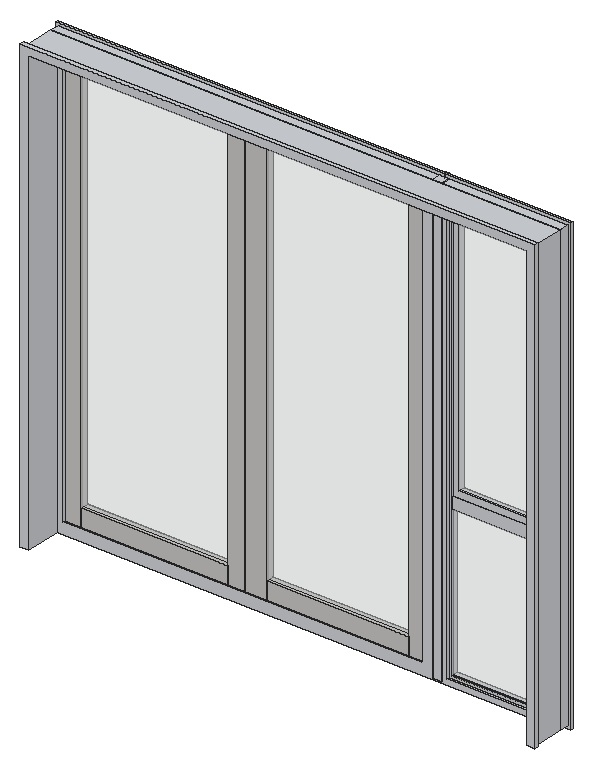
Revit family "APL Residential Thermal Heart French Door with Sidelight", category Doors, host Wall, Revit 2017 (continued)
Definition of nested family "APL Residential Thermal Heart French Door with Sidelight Horizontal Section"
  Definition of nested family "Frame Sash"
    Definition of nested family "65720_Sash"
      Lines and regions (mm)
        model lines, in view "Ref. Level"
          curve 277: arc (-4.4, -9.05, 0) -> (-4, -9.45, 0) -> (-4.4, -9.85, 0) r 0.4
          curve 278: arc (-4.4, -14.452, 0) -> (-4.347, -14.721, 0) -> (-4.195, -14.949, 0) r 0.7
          curve 279: arc (-2.4, -14.449, 0) -> (-1.9, -13.949, 0) -> (-1.4, -14.449, 0) r 0.5
          curve 280: arc (-1.4, -15.007, 0) -> (-1.602, -15.609, 0) -> (-2.125, -15.969, 0) r 1
          curve 281: arc (-2.125, -15.969, 0) -> (-2.472, -16.324, 0) -> (-2.341, -16.803, 0) r 0.5
          curve 282: arc (2.959, -22.103, 0) -> (3.177, -22.146, 0) -> (3.3, -21.962, 0) r 0.2
          curve 283: line (7.8, 0.874, 0) -> (7.8, 2.449, 0)
          curve 284: line (7.231, 2.309, 0) -> (5.977, 1.544, 0)
          curve 285: line (5.977, 1.544, 0) -> (5.3, 1.5, 0)
          curve 286: line (5.106, 1.75, 0) -> (5.294, 2.475, 0)
          curve 287: line (5.294, 2.475, 0) -> (5.3, 5.753, 0)
          curve 288: line (5.554, 6.5, 0) -> (7.621, 5.957, 0)
          curve 289: line (7.621, 5.957, 0) -> (7.807, 5.648, 0)
          curve 290: line (8.141, 5.559, 0) -> (8.505, 5.922, 0)
          curve 291: line (8.592, 6.108, 0) -> (8.799, 8.474, 0)
          curve 292: line (8.397, 8.782, 0) -> (6.987, 8.268, 0)
          curve 293: line (6.217, 8, 0) -> (-3.3, 8, 0)
          curve 294: line (-4.3, 9, 0) -> (-4.3, 18.8, 0)
          curve 295: line (-4.1, 19, 0) -> (-3.2, 19, 0)
          curve 296: line (-2.2, 20, 0) -> (-2.2, 20.751, 0)
          curve 297: line (-3.2, 20.751, 0) -> (-3.2, 20, 0)
          curve 298: line (-3.2, 20, 0) -> (-4.7, 20, 0)
          curve 299: line (-4.7, 20, 0) -> (-4.7, 25.5, 0)
          curve 300: line (-4.7, 25.5, 0) -> (-3.2, 25.5, 0)
          curve 301: line (-3.2, 25.5, 0) -> (-3.2, 24.751, 0)
          curve 302: line (-2.2, 24.751, 0) -> (-2.2, 25.501, 0)
          curve 303: line (-3.199, 26.5, 0) -> (-4.7, 26.5, 0)
          curve 304: line (-5.7, 25.5, 0) -> (-5.7, -14.454, 0)
          curve 305: line (-5.114, -15.869, 0) -> (5.959, -26.941, 0)
          curve 306: line (6.3, -26.8, 0) -> (6.3, -22.85, 0)
          curve 307: line (6.1, -22.65, 0) -> (5.501, -22.65, 0)
          curve 308: line (5.3, -22.85, 0) -> (5.3, -23.2, 0)
          curve 309: line (5.1, -23.4, 0) -> (4.497, -23.4, 0)
          curve 310: line (4.3, -23.2, 0) -> (4.3, -20.1, 0)
          curve 311: line (4.497, -19.9, 0) -> (5.1, -19.9, 0)
          curve 312: line (5.3, -20.1, 0) -> (5.3, -20.45, 0)
          curve 313: line (5.5, -20.65, 0) -> (6.1, -20.65, 0)
          curve 314: line (6.3, -20.45, 0) -> (6.3, -19.092, 0)
          curve 315: line (6.1, -18.9, 0) -> (4.6, -18.9, 0)
          curve 316: line (4.6, -18.9, 0) -> (4.6, -8, 0)
          curve 317: line (4.6, -8, 0) -> (6.217, -8, 0)
          curve 318: line (6.987, -8.268, 0) -> (8.397, -8.782, 0)
          curve 319: line (8.799, -8.474, 0) -> (8.592, -6.108, 0)
          curve 320: line (8.505, -5.922, 0) -> (8.141, -5.559, 0)
          curve 321: line (7.807, -5.648, 0) -> (7.762, -5.816, 0)
          curve 322: line (7.762, -5.816, 0) -> (5.632, -6.49, 0)
          curve 323: line (5.632, -6.49, 0) -> (5.4, -6.5, 0)
          curve 324: line (5.3, -5.753, 0) -> (5.3, -2.525, 0)
          curve 325: line (5.3, -2.525, 0) -> (5.106, -1.75, 0)
          curve 326: line (5.3, -1.5, 0) -> (5.82, -1.5, 0)
          curve 327: line (5.821, -1.5, 0) -> (7.231, -2.309, 0)
          curve 328: line (7.8, -2.45, 0) -> (7.8, -0.874, 0)
          curve 329: line (-0.608, 6.6, 0) -> (-3.4, 6.6, 0)
          curve 330: line (-4.4, 5.6, 0) -> (-4.4, -2.447, 0)
          curve 331: line (-3.9, -2.949, 0) -> (-2.4, -2.949, 0)
          curve 332: line (-1.4, -3.949, 0) -> (-1.4, -4.449, 0)
          curve 333: line (-2.4, -4.449, 0) -> (-2.4, -3.949, 0)
          curve 334: line (-2.4, -3.949, 0) -> (-4, -3.949, 0)
          curve 335: line (-4.4, -4.349, 0) -> (-4.4, -9.05, 0)
          curve 336: line (-4.4, -9.85, 0) -> (-4.4, -14.452, 0)
          curve 337: line (-4.195, -14.949, 0) -> (-2.4, -14.949, 0)
          curve 338: line (-2.4, -14.949, 0) -> (-2.4, -14.449, 0)
          curve 339: line (-1.4, -14.449, 0) -> (-1.4, -15.007, 0)
          curve 340: line (-2.341, -16.803, 0) -> (2.959, -22.103, 0)
          curve 341: line (3.3, -21.962, 0) -> (3.3, 2.193, 0)
          curve 342: arc (3.3, 2.193, 0) -> (3.272, 2.296, 0) -> (3.194, 2.37, 0) r 0.2
          curve 343: arc (3.194, 2.37, 0) -> (2.838, 2.85, 0) -> (2.984, 3.43, 0) r 0.7
          curve 344: arc (2.984, 3.43, 0) -> (3.33, 4.4, 0) -> (2.984, 5.37, 0) r 1.53
          curve 345: arc (2.984, 5.37, 0) -> (2.892, 5.514, 0) -> (2.838, 5.676, 0) r 0.7
          curve 346: arc (2.838, 5.676, 0) -> (2.741, 5.888, 0) -> (2.559, 6.032, 0) r 0.5
          curve 347: arc (2.559, 6.032, 0) -> (1.8, 6.2, 0) -> (1.041, 6.032, 0) r 1.8
          curve 348: arc (1.041, 6.032, 0) -> (0.859, 5.888, 0) -> (0.762, 5.676, 0) r 0.5
          curve 349: arc (0.762, 5.676, 0) -> (0.708, 5.514, 0) -> (0.616, 5.37, 0) r 0.7
          curve 350: arc (0.616, 5.37, 0) -> (0.27, 4.4, 0) -> (0.616, 3.43, 0) r 1.53
          curve 351: arc (0.616, 3.43, 0) -> (0.519, 2.445, 0) -> (-0.466, 2.543, 0) r 0.7
          curve 352: arc (-0.466, 2.543, 0) -> (-1.13, 4.41, 0) -> (-0.454, 6.272, 0) r 2.93
      Text (mm)
        text "65720" at (33.241, 33.025, 0), in view "Ref. Level"
    Definition of nested family "65180_Sidelight Frame"
      Reference planes
        plane 1 "Center (Front/Back)": y = 0
        plane 2: z = 0
        plane 3 "Center (Left/Right)": x = 0
      Lines and regions (mm)
        model lines, in view "Ref. Level"
          curve 1: arc (13.922, -26.595, 0) -> (14.008, -26.535, 0) -> (14.108, -26.508, 0) r 0.3
          curve 2: arc (16.474, -26.301, 0) -> (16.738, -26.417, 0) -> (16.782, -26.703, 0) r 0.3
          curve 3: arc (16.268, -28.113, 0) -> (16.181, -28.239, 0) -> (16.043, -28.305, 0) r 0.3
          curve 4: arc (16.043, -28.305, 0) -> (15.801, -28.578, 0) -> (16, -28.883, 0) r 0.3
          curve 5: arc (16, -33, 0) -> (15.941, -33.141, 0) -> (15.8, -33.2, 0) r 0.2
          curve 6: arc (15.5, -33.2, 0) -> (15.2, -33.12, 0) -> (14.98, -32.9, 0) r 0.6
          curve 7: arc (14.345, -31.8, 0) -> (14.272, -31.727, 0) -> (14.172, -31.7, 0) r 0.2
          curve 8: arc (-2.699, -31.7, 0) -> (-3.407, -31.993, 0) -> (-3.7, -32.7, 0) r 1
          curve 9: arc (-3.7, -34.764, 0) -> (-3.662, -34.956, 0) -> (-3.554, -35.118, 0) r 0.5
          curve 10: arc (1.791, -40.463, 0) -> (2.1, -40.673, 0) -> (2.463, -40.755, 0) r 1
          curve 11: arc (14.935, -41.178, 0) -> (15.052, -41.143, 0) -> (15.127, -41.047, 0) r 0.2
          curve 12: arc (15.127, -41.047, 0) -> (15.234, -40.879, 0) -> (15.403, -40.775, 0) r 0.45
          curve 13: arc (15.403, -40.775, 0) -> (15.522, -40.771, 0) -> (15.621, -40.835, 0) r 0.2
          curve 14: arc (16, -42.3, 0) -> (15.941, -42.441, 0) -> (15.8, -42.5, 0) r 0.2
          curve 15: arc (2.243, -42.5, 0) -> (1.095, -42.272, 0) -> (0.121, -41.621, 0) r 3
          curve 16: arc (-4.121, -37.379, 0) -> (-5.095, -36.728, 0) -> (-6.243, -36.5, 0) r 3
          curve 17: arc (-19, -36.5, 0) -> (-19.707, -36.207, 0) -> (-20, -35.5, 0) r 1
          curve 18: arc (-20, -29.708, 0) -> (-19.944, -29.561, 0) -> (-19.8, -29.5, 0) r 0.2
          curve 19: arc (-19, -29.5, 0) -> (-18.859, -29.559, 0) -> (-18.8, -29.7, 0) r 0.2
          curve 20: arc (-18.8, -29.995, 0) -> (-18.547, -30.43, 0) -> (-18.044, -30.424, 0) r 0.5
          curve 21: arc (-18.044, -30.424, 0) -> (-16.297, -30.007, 0) -> (-14.624, -30.663, 0) r 3
          curve 22: arc (-14.624, -30.663, 0) -> (-14.512, -31.7, 0) -> (-15.549, -31.812, 0) r 0.737
          curve 23: arc (-15.549, -31.812, 0) -> (-16.505, -31.475, 0) -> (-17.461, -31.812, 0) r 1.525
          curve 24: arc (-17.461, -31.812, 0) -> (-17.612, -31.906, 0) -> (-17.78, -31.961, 0) r 0.737
          curve 25: arc (-17.78, -31.961, 0) -> (-17.992, -32.058, 0) -> (-18.137, -32.24, 0) r 0.5
          curve 26: arc (-18.137, -32.24, 0) -> (-18.305, -33, 0) -> (-18.136, -33.76, 0) r 1.8
          curve 27: arc (-18.136, -33.76, 0) -> (-17.992, -33.942, 0) -> (-17.781, -34.039, 0) r 0.5
          curve 28: arc (-17.781, -34.039, 0) -> (-17.613, -34.094, 0) -> (-17.462, -34.187, 0) r 0.75
          curve 29: arc (-17.462, -34.187, 0) -> (-16.505, -34.525, 0) -> (-15.548, -34.187, 0) r 1.525
          curve 30: arc (-15.548, -34.187, 0) -> (-14.677, -34.143, 0) -> (-14.353, -34.952, 0) r 0.75
          curve 31: arc (-14.353, -34.952, 0) -> (-14.316, -35.123, 0) -> (-14.159, -35.2, 0) r 0.2
          curve 32: arc (-6.7, -35.2, 0) -> (-6.346, -35.053, 0) -> (-6.2, -34.7, 0) r 0.5
          curve 33: arc (-6.2, -32.7, 0) -> (-5.175, -30.225, 0) -> (-2.7, -29.2, 0) r 3.5
          curve 34: arc (-0.2, -29.2, 0) -> (-0.059, -29.141, 0) -> (0, -29, 0) r 0.2
          curve 35: arc (0, -28.883, 0) -> (0.199, -28.578, 0) -> (-0.043, -28.305, 0) r 0.3
          curve 36: arc (-0.043, -28.305, 0) -> (-0.181, -28.239, 0) -> (-0.268, -28.113, 0) r 0.3
          curve 37: arc (-0.782, -26.703, 0) -> (-0.738, -26.417, 0) -> (-0.474, -26.301, 0) r 0.3
          curve 38: arc (1.892, -26.508, 0) -> (1.992, -26.535, 0) -> (2.078, -26.595, 0) r 0.3
          curve 39: arc (2.441, -26.959, 0) -> (2.493, -27.152, 0) -> (2.352, -27.293, 0) r 0.2
          curve 40: arc (2.184, -27.338, 0) -> (2.095, -27.39, 0) -> (2.043, -27.479, 0) r 0.2
          curve 41: arc (1.5, -29.7, 0) -> (1.693, -29.98, 0) -> (2.024, -29.9, 0) r 0.3
          curve 42: arc (2.024, -29.9, 0) -> (2.125, -29.826, 0) -> (2.247, -29.8, 0) r 0.3
          curve 43: arc (6.25, -29.994, 0) -> (6.422, -29.958, 0) -> (6.5, -29.8, 0) r 0.2
          curve 44: arc (6.5, -29.279, 0) -> (6.489, -29.198, 0) -> (6.456, -29.123, 0) r 0.3
          curve 45: arc (5.691, -27.869, 0) -> (5.521, -27.872, 0) -> (5.389, -27.766, 0) r 0.25
          curve 46: arc (5.337, -27.68, 0) -> (5.332, -27.428, 0) -> (5.55, -27.3, 0) r 0.25
          curve 47: arc (7.125, -27.3, 0) -> (7.522, -27.382, 0) -> (7.854, -27.615, 0) r 1
          curve 48: arc (7.854, -27.615, 0) -> (8, -27.678, 0) -> (8.146, -27.615, 0) r 0.2
          curve 49: arc (8.146, -27.615, 0) -> (8.477, -27.382, 0) -> (8.874, -27.3, 0) r 1
          curve 50: arc (10.45, -27.3, 0) -> (10.668, -27.427, 0) -> (10.663, -27.68, 0) r 0.25
          curve 51: arc (10.611, -27.766, 0) -> (10.479, -27.872, 0) -> (10.309, -27.869, 0) r 0.25
          curve 52: arc (9.544, -29.123, 0) -> (9.511, -29.198, 0) -> (9.5, -29.279, 0) r 0.3
          curve 53: arc (9.5, -29.8, 0) -> (9.578, -29.958, 0) -> (9.75, -29.994, 0) r 0.2
          curve 54: arc (13.753, -29.8, 0) -> (13.875, -29.826, 0) -> (13.976, -29.9, 0) r 0.3
          curve 55: arc (13.976, -29.9, 0) -> (14.307, -29.98, 0) -> (14.5, -29.7, 0) r 0.3
          curve 56: arc (13.957, -27.479, 0) -> (13.905, -27.39, 0) -> (13.816, -27.338, 0) r 0.2
          curve 57: arc (13.648, -27.293, 0) -> (13.507, -27.152, 0) -> (13.559, -26.959, 0) r 0.2
          curve 58: line (14.108, -26.508, 0) -> (16.474, -26.301, 0)
          curve 59: line (16.782, -26.703, 0) -> (16.268, -28.113, 0)
          curve 60: line (16, -28.883, 0) -> (16, -33, 0)
          curve 61: line (15.8, -33.2, 0) -> (15.5, -33.2, 0)
          curve 62: line (14.98, -32.9, 0) -> (14.345, -31.8, 0)
          curve 63: line (14.172, -31.7, 0) -> (-2.699, -31.7, 0)
          curve 64: line (-3.7, -32.7, 0) -> (-3.7, -34.764, 0)
          curve 65: line (-3.554, -35.118, 0) -> (1.791, -40.463, 0)
          curve 66: line (2.463, -40.755, 0) -> (14, -41.158, 0)
          curve 67: line (14, -41.158, 0) -> (14.935, -41.178, 0)
          curve 68: line (15.621, -40.835, 0) -> (15.953, -41.231, 0)
          curve 69: line (15.953, -41.231, 0) -> (16, -42.3, 0)
          curve 70: line (15.8, -42.5, 0) -> (2.243, -42.5, 0)
          curve 71: line (0.121, -41.621, 0) -> (-4.121, -37.379, 0)
          curve 72: line (-6.243, -36.5, 0) -> (-19, -36.5, 0)
          curve 73: line (-20, -35.5, 0) -> (-20, -29.708, 0)
          curve 74: line (-19.8, -29.5, 0) -> (-19, -29.5, 0)
          curve 75: line (-18.8, -29.7, 0) -> (-18.8, -29.995, 0)
          curve 76: line (-14.159, -35.2, 0) -> (-6.7, -35.2, 0)
          curve 77: line (-6.2, -34.7, 0) -> (-6.2, -32.7, 0)
          curve 78: line (-2.7, -29.2, 0) -> (-0.2, -29.2, 0)
          curve 79: line (-0.268, -28.113, 0) -> (-0.782, -26.703, 0)
          curve 80: line (-0.474, -26.301, 0) -> (1.892, -26.508, 0)
          curve 81: line (2.078, -26.595, 0) -> (2.441, -26.959, 0)
          curve 82: line (2.352, -27.293, 0) -> (2.184, -27.338, 0)
          curve 83: line (2.184, -27.338, 0) -> (1.51, -29.468, 0)
          curve 84: line (1.51, -29.468, 0) -> (1.5, -29.7, 0)
          curve 85: line (2.247, -29.8, 0) -> (5.475, -29.8, 0)
          curve 86: line (5.475, -29.8, 0) -> (6.25, -29.994, 0)
          curve 87: line (6.5, -29.8, 0) -> (6.5, -29.279, 0)
          curve 88: line (6.5, -29.279, 0) -> (5.691, -27.869, 0)
          curve 89: line (5.55, -27.3, 0) -> (7.125, -27.3, 0)
          curve 90: line (8.874, -27.3, 0) -> (10.45, -27.3, 0)
          curve 91: line (10.309, -27.869, 0) -> (9.544, -29.123, 0)
          curve 92: line (9.544, -29.123, 0) -> (9.5, -29.8, 0)
          curve 93: line (9.75, -29.994, 0) -> (10.5, -29.8, 0)
          curve 94: line (10.475, -29.806, 0) -> (13.753, -29.8, 0)
          curve 95: line (14.5, -29.546, 0) -> (13.957, -27.479, 0)
          curve 96: line (13.957, -27.479, 0) -> (13.648, -27.293, 0)
          curve 97: line (13.559, -26.959, 0) -> (13.922, -26.595, 0)
          curve 98: arc (5.6, -29.8, 0) -> (5.883, -29.683, 0) -> (6, -29.4, 0) r 0.4
          curve 99: arc (6, -29.107, 0) -> (5.986, -29.004, 0) -> (5.946, -28.907, 0) r 0.4
          curve 100: arc (5.061, -27.379, 0) -> (4.941, -27.089, 0) -> (4.9, -26.778, 0) r 1.2
          curve 101: arc (4.9, -25.855, 0) -> (4.719, -25.282, 0) -> (4.242, -24.916, 0) r 1
          curve 102: arc (2.063, -24.123, 0) -> (1.872, -23.976, 0) -> (1.8, -23.747, 0) r 0.4
          curve 103: arc (1.8, -21.053, 0) -> (1.872, -20.824, 0) -> (2.063, -20.677, 0) r 0.4
          curve 104: arc (4.242, -19.884, 0) -> (4.719, -19.518, 0) -> (4.9, -18.945, 0) r 1
          curve 105: arc (4.9, -18.022, 0) -> (4.941, -17.711, 0) -> (5.061, -17.421, 0) r 1.2
          curve 106: arc (5.946, -15.893, 0) -> (5.986, -15.796, 0) -> (6, -15.693, 0) r 0.4
          curve 107: arc (6, -15.4, 0) -> (5.883, -15.117, 0) -> (5.6, -15, 0) r 0.4
          curve 108: arc (2.2, -15, 0) -> (1.917, -15.117, 0) -> (1.8, -15.4, 0) r 0.4
          curve 109: arc (1.8, -15.693, 0) -> (1.814, -15.796, 0) -> (1.854, -15.893, 0) r 0.4
          curve 110: arc (2.739, -17.421, 0) -> (2.86, -17.715, 0) -> (2.9, -18.03, 0) r 1.2
          curve 111: arc (2.9, -18.03, 0) -> (2.847, -18.205, 0) -> (2.703, -18.316, 0) r 0.3
          curve 112: arc (0.263, -19.204, 0) -> (0.072, -19.351, 0) -> (0, -19.58, 0) r 0.4
          curve 113: arc (0, -25.22, 0) -> (0.072, -25.449, 0) -> (0.263, -25.596, 0) r 0.4
          curve 114: arc (2.703, -26.484, 0) -> (2.847, -26.595, 0) -> (2.9, -26.77, 0) r 0.3
          curve 115: arc (2.9, -26.77, 0) -> (2.86, -27.085, 0) -> (2.739, -27.379, 0) r 1.2
          curve 116: arc (1.854, -28.907, 0) -> (1.814, -29.004, 0) -> (1.8, -29.107, 0) r 0.4
          curve 117: arc (1.8, -29.4, 0) -> (1.917, -29.683, 0) -> (2.2, -29.8, 0) r 0.4
          curve 118: line (6, -29.4, 0) -> (6, -29.107, 0)
          curve 119: line (5.946, -28.907, 0) -> (5.061, -27.379, 0)
          curve 120: line (4.9, -26.778, 0) -> (4.9, -25.855, 0)
          curve 121: line (4.242, -24.916, 0) -> (2.063, -24.123, 0)
          curve 122: line (1.8, -23.747, 0) -> (1.8, -21.053, 0)
          curve 123: line (2.063, -20.677, 0) -> (4.242, -19.884, 0)
          curve 124: line (4.9, -18.945, 0) -> (4.9, -18.022, 0)
          curve 125: line (5.061, -17.421, 0) -> (5.946, -15.893, 0)
          curve 126: line (6, -15.693, 0) -> (6, -15.4, 0)
          curve 127: line (5.6, -15, 0) -> (2.2, -15, 0)
          curve 128: line (1.8, -15.4, 0) -> (1.8, -15.693, 0)
          curve 129: line (1.854, -15.893, 0) -> (2.739, -17.421, 0)
          curve 130: line (2.703, -18.316, 0) -> (0.263, -19.204, 0)
          curve 131: line (0, -19.58, 0) -> (0, -25.22, 0)
          curve 132: line (0.263, -25.596, 0) -> (2.703, -26.484, 0)
          curve 133: line (2.739, -27.379, 0) -> (1.854, -28.907, 0)
          curve 134: line (1.8, -29.107, 0) -> (1.8, -29.4, 0)
          curve 135: line (2.2, -29.8, 0) -> (5.6, -29.8, 0)
          curve 136: arc (10.4, -29.8, 0) -> (10.117, -29.683, 0) -> (10, -29.4, 0) r 0.4
          curve 137: arc (10, -29.107, 0) -> (10.014, -29.004, 0) -> (10.054, -28.907, 0) r 0.4
          curve 138: arc (10.939, -27.379, 0) -> (11.059, -27.089, 0) -> (11.1, -26.778, 0) r 1.2
          curve 139: arc (11.1, -25.855, 0) -> (11.281, -25.282, 0) -> (11.758, -24.916, 0) r 1
          curve 140: arc (13.937, -24.123, 0) -> (14.128, -23.976, 0) -> (14.2, -23.747, 0) r 0.4
          curve 141: arc (14.2, -21.053, 0) -> (14.128, -20.824, 0) -> (13.937, -20.677, 0) r 0.4
          curve 142: arc (11.758, -19.884, 0) -> (11.281, -19.518, 0) -> (11.1, -18.945, 0) r 1
          curve 143: arc (11.1, -18.022, 0) -> (11.059, -17.711, 0) -> (10.939, -17.421, 0) r 1.2
          curve 144: arc (10.054, -15.893, 0) -> (10.014, -15.796, 0) -> (10, -15.693, 0) r 0.4
          curve 145: arc (10, -15.4, 0) -> (10.117, -15.117, 0) -> (10.4, -15, 0) r 0.4
          curve 146: arc (13.8, -15, 0) -> (14.083, -15.117, 0) -> (14.2, -15.4, 0) r 0.4
          curve 147: arc (14.2, -15.693, 0) -> (14.186, -15.796, 0) -> (14.146, -15.893, 0) r 0.4
          curve 148: arc (13.261, -17.421, 0) -> (13.14, -17.715, 0) -> (13.1, -18.03, 0) r 1.2
          curve 149: arc (13.1, -18.03, 0) -> (13.153, -18.205, 0) -> (13.297, -18.316, 0) r 0.3
          curve 150: arc (15.737, -19.204, 0) -> (15.928, -19.351, 0) -> (16, -19.58, 0) r 0.4
          curve 151: arc (16, -25.22, 0) -> (15.928, -25.449, 0) -> (15.737, -25.596, 0) r 0.4
          curve 152: arc (13.297, -26.484, 0) -> (13.153, -26.595, 0) -> (13.1, -26.77, 0) r 0.3
          curve 153: arc (13.1, -26.77, 0) -> (13.14, -27.085, 0) -> (13.261, -27.379, 0) r 1.2
          curve 154: arc (14.146, -28.907, 0) -> (14.186, -29.004, 0) -> (14.2, -29.107, 0) r 0.4
          curve 155: arc (14.2, -29.4, 0) -> (14.083, -29.683, 0) -> (13.8, -29.8, 0) r 0.4
          curve 156: line (10, -29.4, 0) -> (10, -29.107, 0)
          curve 157: line (10.054, -28.907, 0) -> (10.939, -27.379, 0)
          curve 158: line (11.1, -26.778, 0) -> (11.1, -25.855, 0)
          curve 159: line (11.758, -24.916, 0) -> (13.937, -24.123, 0)
          curve 160: line (14.2, -23.747, 0) -> (14.2, -21.053, 0)
          curve 161: line (13.937, -20.677, 0) -> (11.758, -19.884, 0)
          curve 162: line (11.1, -18.945, 0) -> (11.1, -18.022, 0)
          curve 163: line (10.939, -17.421, 0) -> (10.054, -15.893, 0)
          curve 164: line (10, -15.693, 0) -> (10, -15.4, 0)
          curve 165: line (10.4, -15, 0) -> (13.8, -15, 0)
          curve 166: line (14.2, -15.4, 0) -> (14.2, -15.693, 0)
          curve 167: line (14.146, -15.893, 0) -> (13.261, -17.421, 0)
          curve 168: line (13.297, -18.316, 0) -> (15.737, -19.204, 0)
          curve 169: line (16, -19.58, 0) -> (16, -25.22, 0)
          curve 170: line (15.737, -25.596, 0) -> (13.297, -26.484, 0)
          curve 171: line (13.261, -27.379, 0) -> (14.146, -28.907, 0)
          curve 172: line (14.2, -29.107, 0) -> (14.2, -29.4, 0)
          curve 173: line (13.8, -29.8, 0) -> (10.4, -29.8, 0)
          curve 174: arc (20.188, 16.327, 0) -> (20.255, 16.451, 0) -> (20.387, 16.5, 0) r 0.2
          curve 175: arc (20.7, 16.5, 0) -> (20.841, 16.559, 0) -> (20.9, 16.7, 0) r 0.2
          curve 176: arc (20.9, 20, 0) -> (21.4, 20.5, 0) -> (21.9, 20, 0) r 0.5
          curve 177: arc (21.9, 16.5, 0) -> (21.349, 14.768, 0) -> (19.9, 13.672, 0) r 3
          curve 178: arc (19.9, 13.672, 0) -> (18.451, 12.575, 0) -> (17.9, 10.843, 0) r 3
          curve 179: arc (17.9, 6.583, 0) -> (18.701, 4.543, 0) -> (20.676, 3.592, 0) r 3
          curve 180: arc (34.8, 3.5, 0) -> (34.941, 3.441, 0) -> (35, 3.3, 0) r 0.2
          curve 181: arc (35, 0.2, 0) -> (34.941, 0.059, 0) -> (34.8, 0, 0) r 0.2
          curve 182: arc (33.25, 0, 0) -> (32.749, 0.499, 0) -> (33.249, 1, 0) r 0.5
          curve 183: arc (29.249, 1, 0) -> (29.749, 0.5, 0) -> (29.249, 0, 0) r 0.5
          curve 184: arc (28.5, 0, 0) -> (27.793, 0.293, 0) -> (27.5, 1, 0) r 1
          curve 185: arc (27.5, 1.9, 0) -> (27.441, 2.041, 0) -> (27.3, 2.1, 0) r 0.2
          curve 186: arc (16.2, 2.1, 0) -> (16.059, 2.041, 0) -> (16, 1.9, 0) r 0.2
          curve 187: arc (16, -15.917, 0) -> (15.801, -16.222, 0) -> (16.043, -16.495, 0) r 0.3
          curve 188: arc (16.043, -16.495, 0) -> (16.181, -16.561, 0) -> (16.268, -16.687, 0) r 0.3
          curve 189: arc (16.782, -18.097, 0) -> (16.738, -18.383, 0) -> (16.474, -18.499, 0) r 0.3
          curve 190: arc (14.108, -18.292, 0) -> (14.008, -18.265, 0) -> (13.922, -18.205, 0) r 0.3
          curve 191: arc (13.559, -17.841, 0) -> (13.507, -17.648, 0) -> (13.648, -17.507, 0) r 0.2
          curve 192: arc (13.816, -17.462, 0) -> (13.905, -17.41, 0) -> (13.957, -17.321, 0) r 0.2
          curve 193: arc (14.5, -15.1, 0) -> (14.307, -14.82, 0) -> (13.976, -14.9, 0) r 0.3
          curve 194: arc (13.976, -14.9, 0) -> (13.875, -14.974, 0) -> (13.753, -15, 0) r 0.3
          curve 195: arc (9.75, -14.806, 0) -> (9.578, -14.842, 0) -> (9.5, -15, 0) r 0.2
          curve 196: arc (9.5, -15.521, 0) -> (9.511, -15.602, 0) -> (9.544, -15.677, 0) r 0.3
          curve 197: arc (10.309, -16.931, 0) -> (10.479, -16.928, 0) -> (10.611, -17.034, 0) r 0.25
          curve 198: arc (10.663, -17.12, 0) -> (10.668, -17.372, 0) -> (10.45, -17.5, 0) r 0.25
          curve 199: arc (8.874, -17.5, 0) -> (8.477, -17.418, 0) -> (8.146, -17.185, 0) r 1
          curve 200: arc (8.146, -17.185, 0) -> (8, -17.122, 0) -> (7.854, -17.185, 0) r 0.2
          curve 201: arc (7.854, -17.185, 0) -> (7.523, -17.418, 0) -> (7.126, -17.5, 0) r 1
          curve 202: arc (5.55, -17.5, 0) -> (5.332, -17.372, 0) -> (5.337, -17.12, 0) r 0.25
          curve 203: arc (5.389, -17.034, 0) -> (5.521, -16.928, 0) -> (5.691, -16.931, 0) r 0.25
          curve 204: arc (6.456, -15.677, 0) -> (6.489, -15.602, 0) -> (6.5, -15.521, 0) r 0.3
          curve 205: arc (6.5, -15, 0) -> (6.422, -14.842, 0) -> (6.25, -14.806, 0) r 0.2
          curve 206: arc (2.247, -15, 0) -> (2.125, -14.974, 0) -> (2.024, -14.9, 0) r 0.3
          curve 207: arc (2.024, -14.9, 0) -> (1.693, -14.82, 0) -> (1.5, -15.1, 0) r 0.3
          curve 208: arc (2.043, -17.321, 0) -> (2.095, -17.41, 0) -> (2.184, -17.462, 0) r 0.2
          curve 209: arc (2.352, -17.507, 0) -> (2.493, -17.648, 0) -> (2.441, -17.841, 0) r 0.2
          curve 210: arc (2.078, -18.205, 0) -> (1.992, -18.265, 0) -> (1.892, -18.292, 0) r 0.3
          curve 211: arc (-0.474, -18.499, 0) -> (-0.738, -18.383, 0) -> (-0.782, -18.097, 0) r 0.3
          curve 212: arc (-0.268, -16.687, 0) -> (-0.181, -16.561, 0) -> (-0.043, -16.495, 0) r 0.3
          curve 213: arc (-0.043, -16.495, 0) -> (0.199, -16.222, 0) -> (0, -15.917, 0) r 0.3
          curve 214: arc (0, -14.1, 0) -> (0.293, -13.393, 0) -> (1, -13.1, 0) r 1
          curve 215: arc (13.8, -13.1, 0) -> (13.941, -13.041, 0) -> (14, -12.9, 0) r 0.2
          curve 216: arc (14, -4.691, 0) -> (13.854, -4.337, 0) -> (13.5, -4.191, 0) r 0.5
          curve 217: arc (10.076, -4.191, 0) -> (9.722, -4.044, 0) -> (9.575, -3.691, 0) r 0.501
          curve 218: arc (9.575, 3, 0) -> (9.634, 3.141, 0) -> (9.775, 3.2, 0) r 0.2
          curve 219: arc (10.775, 3.2, 0) -> (10.916, 3.141, 0) -> (10.975, 3, 0) r 0.2
          curve 220: arc (10.975, 1.817, 0) -> (11.068, 1.527, 0) -> (11.311, 1.345, 0) r 0.5
          curve 221: arc (11.311, 1.345, 0) -> (11.841, 0.791, 0) -> (11.698, 0.038, 0) r 0.837
          curve 222: arc (11.698, 0.038, 0) -> (11.375, -0.9, 0) -> (11.698, -1.838, 0) r 1.525
          curve 223: arc (11.698, -1.838, 0) -> (11.797, -2, 0) -> (11.857, -2.18, 0) r 0.837
          curve 224: arc (11.857, -2.18, 0) -> (11.954, -2.386, 0) -> (12.133, -2.528, 0) r 0.5
          curve 225: arc (12.133, -2.528, 0) -> (12.9, -2.7, 0) -> (13.667, -2.528, 0) r 1.8
          curve 226: arc (13.667, -2.528, 0) -> (13.846, -2.386, 0) -> (13.943, -2.18, 0) r 0.5
          curve 227: arc (13.943, -2.18, 0) -> (14.003, -2, 0) -> (14.102, -1.838, 0) r 0.837
          curve 228: arc (14.102, -1.838, 0) -> (14.425, -0.9, 0) -> (14.102, 0.038, 0) r 1.525
          curve 229: arc (14.102, 0.038, 0) -> (13.936, 0.688, 0) -> (14.3, 1.252, 0) r 0.837
          curve 230: arc (14.3, 1.9, 0) -> (14.794, 3.178, 0) -> (16.019, 3.791, 0) r 1.9
          curve 231: arc (16.019, 3.791, 0) -> (16.148, 3.856, 0) -> (16.2, 3.99, 0) r 0.2
          curve 232: arc (16.2, 11.8, 0) -> (16.141, 11.941, 0) -> (16, 12, 0) r 0.2
          curve 233: arc (15.2, 12, 0) -> (14.7, 12.5, 0) -> (15.2, 13, 0) r 0.5
          curve 234: arc (16, 13, 0) -> (16.141, 13.059, 0) -> (16.2, 13.2, 0) r 0.2
          curve 235: arc (16.2, 14.8, 0) -> (16.141, 14.941, 0) -> (16, 15, 0) r 0.2
          curve 236: arc (11.266, 15, 0) -> (11.15, 14.963, 0) -> (11.077, 14.867, 0) r 0.2
          curve 237: arc (11.077, 14.867, 0) -> (10.7, 14.6, 0) -> (10.323, 14.867, 0) r 0.4
          curve 238: arc (10.323, 14.867, 0) -> (10.25, 14.963, 0) -> (10.134, 15, 0) r 0.2
          curve 239: arc (5.4, 15, 0) -> (5.259, 14.941, 0) -> (5.2, 14.8, 0) r 0.2
          curve 240: arc (5.2, 13.2, 0) -> (5.259, 13.059, 0) -> (5.4, 13, 0) r 0.2
          curve 241: arc (6.2, 13, 0) -> (6.7, 12.5, 0) -> (6.2, 12, 0) r 0.5
          curve 242: arc (5.2, 12, 0) -> (4.493, 12.293, 0) -> (4.2, 13, 0) r 1
          curve 243: arc (4.2, 14.8, 0) -> (4.141, 14.941, 0) -> (4, 15, 0) r 0.2
          curve 244: arc (1, 15, 0) -> (0.293, 15.293, 0) -> (0, 16, 0) r 1
          curve 245: arc (0, 26.5, 0) -> (0.7, 27.2, 0) -> (1.4, 26.5, 0) r 0.7
          curve 246: arc (1.4, 16.7, 0) -> (1.459, 16.559, 0) -> (1.6, 16.5, 0) r 0.2
          curve 247: line (20.387, 16.5, 0) -> (20.7, 16.5, 0)
          curve 248: line (20.9, 16.7, 0) -> (20.9, 20, 0)
          curve 249: line (21.9, 20, 0) -> (21.9, 16.5, 0)
          curve 250: line (17.9, 10.843, 0) -> (17.9, 6.583, 0)
          curve 251: line (20.676, 3.592, 0) -> (21.9, 3.5, 0)
          curve 252: line (21.9, 3.5, 0) -> (34.8, 3.5, 0)
          curve 253: line (35, 3.3, 0) -> (35, 0.2, 0)
          curve 254: line (34.8, 0, 0) -> (33.25, 0, 0)
          curve 255: line (33.249, 1, 0) -> (34, 1, 0)
          curve 256: line (34, 1, 0) -> (34, 2.5, 0)
          curve 257: line (34, 2.5, 0) -> (28.5, 2.5, 0)
          curve 258: line (28.5, 2.5, 0) -> (28.5, 1, 0)
          curve 259: line (28.5, 1, 0) -> (29.249, 1, 0)
          curve 260: line (29.249, 0, 0) -> (28.5, 0, 0)
          curve 261: line (27.5, 1, 0) -> (27.5, 1.9, 0)
          curve 262: line (27.3, 2.1, 0) -> (16.2, 2.1, 0)
          curve 263: line (16, 1.9, 0) -> (16, -8.2, 0)
          curve 264: line (16, -8.2, 0) -> (15.6, -8.6, 0)
          curve 265: line (15.6, -8.6, 0) -> (16, -9, 0)
          curve 266: line (16, -9, 0) -> (16, -15.917, 0)
          curve 267: line (16.268, -16.687, 0) -> (16.782, -18.097, 0)
          curve 268: line (16.474, -18.499, 0) -> (14.108, -18.292, 0)
          curve 269: line (13.922, -18.205, 0) -> (13.559, -17.841, 0)
          curve 270: line (13.648, -17.507, 0) -> (13.816, -17.462, 0)
          curve 271: line (13.816, -17.462, 0) -> (14.49, -15.332, 0)
          curve 272: line (14.49, -15.332, 0) -> (14.5, -15.1, 0)
          curve 273: line (13.753, -15, 0) -> (10.525, -15, 0)
          curve 274: line (10.525, -15, 0) -> (9.75, -14.806, 0)
          curve 275: line (9.5, -15, 0) -> (9.5, -15.521, 0)
          curve 276: line (9.5, -15.521, 0) -> (10.309, -16.931, 0)
          curve 277: line (10.45, -17.5, 0) -> (8.874, -17.5, 0)
          curve 278: line (7.126, -17.5, 0) -> (5.55, -17.5, 0)
          curve 279: line (5.691, -16.931, 0) -> (6.456, -15.677, 0)
          curve 280: line (6.456, -15.677, 0) -> (6.5, -15, 0)
          curve 281: line (6.25, -14.806, 0) -> (5.525, -14.994, 0)
          curve 282: line (5.525, -14.994, 0) -> (2.247, -15, 0)
          curve 283: line (1.5, -15.254, 0) -> (2.043, -17.321, 0)
          curve 284: line (2.043, -17.321, 0) -> (2.352, -17.507, 0)
          curve 285: line (2.441, -17.841, 0) -> (2.078, -18.205, 0)
          curve 286: line (1.892, -18.292, 0) -> (-0.474, -18.499, 0)
          curve 287: line (-0.782, -18.097, 0) -> (-0.268, -16.687, 0)
          curve 288: line (0, -15.917, 0) -> (0, -14.1, 0)
          curve 289: line (1, -13.1, 0) -> (13.8, -13.1, 0)
          curve 290: line (14, -12.9, 0) -> (14, -4.691, 0)
          curve 291: line (13.5, -4.191, 0) -> (10.076, -4.191, 0)
          curve 292: line (9.575, -3.691, 0) -> (9.575, 3, 0)
          curve 293: line (9.775, 3.2, 0) -> (10.775, 3.2, 0)
          curve 294: line (10.975, 3, 0) -> (10.975, 1.817, 0)
          curve 295: line (14.3, 1.252, 0) -> (14.3, 1.9, 0)
          curve 296: line (16.2, 3.99, 0) -> (16.2, 11.8, 0)
          curve 297: line (16, 12, 0) -> (15.2, 12, 0)
          curve 298: line (15.2, 13, 0) -> (16, 13, 0)
          curve 299: line (16.2, 13.2, 0) -> (16.2, 14.8, 0)
          curve 300: line (16, 15, 0) -> (11.266, 15, 0)
          curve 301: line (10.134, 15, 0) -> (5.4, 15, 0)
          curve 302: line (5.2, 14.8, 0) -> (5.2, 13.2, 0)
          curve 303: line (5.4, 13, 0) -> (6.2, 13, 0)
          curve 304: line (6.2, 12, 0) -> (5.2, 12, 0)
          curve 305: line (4.2, 13, 0) -> (4.2, 14.8, 0)
          curve 306: line (4, 15, 0) -> (1, 15, 0)
          curve 307: line (0, 16, 0) -> (0, 17.5, 0)
          curve 308: line (0, 17.5, 0) -> (0.4, 17.9, 0)
          curve 309: line (0.4, 17.9, 0) -> (0.4, 23.1, 0)
          curve 310: line (0.4, 23.1, 0) -> (0, 23.5, 0)
          curve 311: line (0, 23.5, 0) -> (0, 26.5, 0)
          curve 312: line (1.4, 26.5, 0) -> (1.4, 16.7, 0)
          curve 313: line (1.6, 16.5, 0) -> (16, 16.5, 0)
          curve 314: arc (16, 16.5, 0) -> (17.228, 15.975, 0) -> (17.698, 14.725, 0) r 1.7
          curve 315: arc (17.698, 14.725, 0) -> (17.806, 14.538, 0) -> (18.021, 14.558, 0) r 0.2
          curve 316: arc (18.021, 14.558, 0) -> (18.648, 14.969, 0) -> (19.333, 15.274, 0) r 4.7
          curve 317: arc (19.333, 15.274, 0) -> (19.909, 15.68, 0) -> (20.188, 16.327, 0) r 1.3
      Text (mm)
        text "65180" at (37.391, 26.006, 0), in view "Ref. Level"
  Definition of nested family "Glass"
    Parameters (values of type "Glass")
      Glass Lenght [instance] = 50 mm
    Reference planes
      plane 1 "Center (Front/Back)": y = 0
      plane 2: z = 0
      plane 3 "Center (Left/Right)": x = 0
      plane 4: y = -50
    Lines and regions (mm)
      Filled region 1, type "Solid Fill - Black", in view "Ref. Level"
        outline origin (0, 0, 0) x (1, 0, 0) y (0, 1, 0)
          loop
            line (4, 0) -> (4, -12) -> (20, -12) -> (20, 0) -> (4, 0)
      model lines, in view "Ref. Level"
        curve 1: line (4, -12, 0) -> (20, -12, 0)
        curve 2: line (0, -50, 0) -> (0, 0, 0)
        curve 3: line (0, 0, 0) -> (24, 0, 0)
        curve 4: line (24, 0, 0) -> (24, -50, 0)
        curve 5: line (20, 0, 0) -> (20, -50, 0)
        curve 6: line (4, 0, 0) -> (4, -50, 0)
      detail lines, in view "Ref. Level"
        curve 7: arc (-0.25, -4.9, 0) -> (0, -5.15, 0) -> (-0.25, -5.4, 0) r 0.25
        curve 8: arc (-0.25, -8.45, 0) -> (0, -8.7, 0) -> (-0.25, -8.95, 0) r 0.25
        curve 9: arc (-0.25, -9.619, 0) -> (0, -9.869, 0) -> (-0.25, -10.119, 0) r 0.25
        curve 10: arc (-0.25, -10.787, 0) -> (0, -11.037, 0) -> (-0.25, -11.287, 0) r 0.25
        curve 11: line (-0.25, -12.456, 0) -> (-1, -12.456, 0)
        curve 12: line (-1, -12.456, 0) -> (-1, -8.45, 0)
        curve 13: line (-1, -8.45, 0) -> (-2.2, -8.45, 0)
        curve 14: line (-2.2, -8.45, 0) -> (-2.2, -9.2, 0)
        curve 15: line (-2.2, -9.2, 0) -> (-2.8, -9.2, 0)
        curve 16: line (-2.8, -9.2, 0) -> (-2.8, -6.1, 0)
        curve 17: line (-2.8, -6.1, 0) -> (-2.2, -6.1, 0)
        curve 18: line (-2.2, -6.1, 0) -> (-2.2, -6.85, 0)
        curve 19: line (-2.2, -6.85, 0) -> (-1, -6.85, 0)
        curve 20: line (-1, -6.85, 0) -> (-1, -4.9, 0)
        curve 21: line (-1, -4.9, 0) -> (-0.25, -4.9, 0)
        curve 22: line (-0.25, -5.4, 0) -> (-0.25, -8.45, 0)
        curve 23: line (-0.25, -8.95, 0) -> (-0.25, -9.619, 0)
        curve 24: line (-0.25, -10.119, 0) -> (-0.25, -10.787, 0)
        curve 25: line (-0.25, -11.287, 0) -> (-0.25, -11.956, 0)
        curve 26: arc (-0.25, -11.956, 0) -> (0, -12.206, 0) -> (-0.25, -12.456, 0) r 0.25
        curve 27: arc (25, -10.728, 0) -> (24.979, -10.828, 0) -> (24.92, -10.912, 0) r 0.25
        curve 28: arc (24.161, -11.614, 0) -> (24.042, -11.78, 0) -> (24, -11.981, 0) r 0.5
        curve 29: arc (24, -13.404, 0) -> (24.088, -13.594, 0) -> (24.289, -13.651, 0) r 0.25
        curve 30: arc (28.489, -12.997, 0) -> (28.647, -12.904, 0) -> (28.699, -12.728, 0) r 0.25
        curve 31: arc (27.5, -8.1, 0) -> (27.711, -7.984, 0) -> (27.727, -7.744, 0) r 0.25
        curve 32: arc (26.033, -4.114, 0) -> (25.642, -3.858, 0) -> (25.24, -4.095, 0) r 0.442
        curve 33: arc (24.864, -4.812, 0) -> (24.414, -5.357, 0) -> (24.052, -5.964, 0) r 4.62
        curve 34: arc (24.052, -5.964, 0) -> (24.013, -6.073, 0) -> (24, -6.187, 0) r 0.5
        curve 35: arc (24, -6.743, 0) -> (24.132, -6.931, 0) -> (24.353, -6.871, 0) r 0.2
        curve 36: arc (24.353, -6.871, 0) -> (24.514, -6.711, 0) -> (24.702, -6.581, 0) r 1.262
        curve 37: arc (24.702, -6.581, 0) -> (24.901, -6.583, 0) -> (25, -6.756, 0) r 0.2
        curve 38: arc (25, -7.353, 0) -> (24.962, -7.543, 0) -> (24.855, -7.705, 0) r 0.5
        curve 39: arc (24.855, -7.705, 0) -> (24.408, -8.237, 0) -> (24.051, -8.833, 0) r 4.3
        curve 40: arc (24.051, -8.833, 0) -> (24.013, -8.941, 0) -> (24, -9.054, 0) r 0.5
        curve 41: arc (24, -9.668, 0) -> (24.137, -9.858, 0) -> (24.361, -9.787, 0) r 0.2
        curve 42: arc (24.361, -9.787, 0) -> (24.512, -9.617, 0) -> (24.69, -9.476, 0) r 1.288
        curve 43: arc (24.69, -9.476, 0) -> (24.895, -9.467, 0) -> (25, -9.643, 0) r 0.2
        curve 44: line (24.92, -10.912, 0) -> (24.161, -11.614, 0)
        curve 45: line (24, -11.981, 0) -> (24, -13.404, 0)
        curve 46: line (24.289, -13.651, 0) -> (28.489, -12.997, 0)
        curve 47: line (28.699, -12.728, 0) -> (28.548, -11, 0)
        curve 48: line (28.548, -11, 0) -> (27, -11, 0)
        curve 49: line (27, -11, 0) -> (27, -8.1, 0)
        curve 50: line (27, -8.1, 0) -> (27.5, -8.1, 0)
        curve 51: line (27.727, -7.744, 0) -> (26.033, -4.114, 0)
        curve 52: line (25.24, -4.095, 0) -> (24.864, -4.812, 0)
        curve 53: line (24, -6.187, 0) -> (24, -6.743, 0)
        curve 54: line (25, -6.756, 0) -> (25, -7.353, 0)
        curve 55: line (24, -9.054, 0) -> (24, -9.668, 0)
        curve 56: line (25, -9.643, 0) -> (25, -10.728, 0)
      detail lines, in view "Ref. Level", not visible
        curve 57: arc (-0.25, -4.9, 0) -> (0, -5.15, 0) -> (-0.25, -5.4, 0) r 0.25
        curve 58: arc (-0.25, -8.45, 0) -> (0, -8.7, 0) -> (-0.25, -8.95, 0) r 0.25
        curve 59: arc (-0.25, -9.619, 0) -> (0, -9.869, 0) -> (-0.25, -10.119, 0) r 0.25
        curve 60: arc (-0.25, -10.787, 0) -> (0, -11.037, 0) -> (-0.25, -11.287, 0) r 0.25
        curve 61: line (-0.25, -12.456, 0) -> (-1, -12.456, 0)
        curve 62: line (-1, -12.456, 0) -> (-1, -8.45, 0)
        curve 63: line (-1, -8.45, 0) -> (-2.2, -8.45, 0)
        curve 64: line (-2.2, -8.45, 0) -> (-2.2, -9.2, 0)
        curve 65: line (-2.2, -9.2, 0) -> (-2.8, -9.2, 0)
        curve 66: line (-2.8, -9.2, 0) -> (-2.8, -6.1, 0)
        curve 67: line (-2.8, -6.1, 0) -> (-2.2, -6.1, 0)
        curve 68: line (-2.2, -6.1, 0) -> (-2.2, -6.85, 0)
        curve 69: line (-2.2, -6.85, 0) -> (-1, -6.85, 0)
        curve 70: line (-1, -6.85, 0) -> (-1, -4.9, 0)
        curve 71: line (-1, -4.9, 0) -> (-0.25, -4.9, 0)
        curve 72: line (-0.25, -5.4, 0) -> (-0.25, -8.45, 0)
        curve 73: line (-0.25, -8.95, 0) -> (-0.25, -9.619, 0)
        curve 74: line (-0.25, -10.119, 0) -> (-0.25, -10.787, 0)
        curve 75: line (-0.25, -11.287, 0) -> (-0.25, -11.956, 0)
        curve 76: arc (-0.25, -11.956, 0) -> (0, -12.206, 0) -> (-0.25, -12.456, 0) r 0.25
        curve 77: arc (25, -10.728, 0) -> (24.979, -10.828, 0) -> (24.92, -10.912, 0) r 0.25
        curve 78: arc (24.161, -11.614, 0) -> (24.042, -11.78, 0) -> (24, -11.981, 0) r 0.5
        curve 79: arc (24, -13.404, 0) -> (24.088, -13.594, 0) -> (24.289, -13.651, 0) r 0.25
        curve 80: arc (28.489, -12.997, 0) -> (28.647, -12.904, 0) -> (28.699, -12.728, 0) r 0.25
        curve 81: arc (27.5, -8.1, 0) -> (27.711, -7.984, 0) -> (27.727, -7.744, 0) r 0.25
        curve 82: arc (26.033, -4.114, 0) -> (25.642, -3.858, 0) -> (25.24, -4.095, 0) r 0.442
        curve 83: arc (24.864, -4.812, 0) -> (24.414, -5.357, 0) -> (24.052, -5.964, 0) r 4.62
        curve 84: arc (24.052, -5.964, 0) -> (24.013, -6.073, 0) -> (24, -6.187, 0) r 0.5
        curve 85: arc (24, -6.743, 0) -> (24.132, -6.931, 0) -> (24.353, -6.871, 0) r 0.2
        curve 86: arc (24.353, -6.871, 0) -> (24.514, -6.711, 0) -> (24.702, -6.581, 0) r 1.262
        curve 87: arc (24.702, -6.581, 0) -> (24.901, -6.583, 0) -> (25, -6.756, 0) r 0.2
        curve 88: arc (25, -7.353, 0) -> (24.962, -7.543, 0) -> (24.855, -7.705, 0) r 0.5
        curve 89: arc (24.855, -7.705, 0) -> (24.408, -8.237, 0) -> (24.051, -8.833, 0) r 4.3
        curve 90: arc (24.051, -8.833, 0) -> (24.013, -8.941, 0) -> (24, -9.054, 0) r 0.5
        curve 91: arc (24, -9.668, 0) -> (24.137, -9.858, 0) -> (24.361, -9.787, 0) r 0.2
        curve 92: arc (24.361, -9.787, 0) -> (24.512, -9.617, 0) -> (24.69, -9.476, 0) r 1.288
        curve 93: arc (24.69, -9.476, 0) -> (24.895, -9.467, 0) -> (25, -9.643, 0) r 0.2
        curve 94: line (24.92, -10.912, 0) -> (24.161, -11.614, 0)
        curve 95: line (24, -11.981, 0) -> (24, -13.404, 0)
        curve 96: line (24.289, -13.651, 0) -> (28.489, -12.997, 0)
        curve 97: line (28.699, -12.728, 0) -> (28.548, -11, 0)
        curve 98: line (28.548, -11, 0) -> (27, -11, 0)
        curve 99: line (27, -11, 0) -> (27, -8.1, 0)
        curve 100: line (27, -8.1, 0) -> (27.5, -8.1, 0)
        curve 101: line (27.727, -7.744, 0) -> (26.033, -4.114, 0)
        curve 102: line (25.24, -4.095, 0) -> (24.864, -4.812, 0)
        curve 103: line (24, -6.187, 0) -> (24, -6.743, 0)
        curve 104: line (25, -6.756, 0) -> (25, -7.353, 0)
        curve 105: line (24, -9.054, 0) -> (24, -9.668, 0)
        curve 106: line (25, -9.643, 0) -> (25, -10.728, 0)
    Dimensions and locks
      "Glass Lenght": plane 1 "Center (Front/Back)" to plane 4
      aligned and locked: plane 4 to curve 2
      aligned and locked: plane 1 "Center (Front/Back)" to Filled region 1 sketch curve
      aligned and locked: Filled region 1 sketch curve to curve 6
      aligned and locked: Filled region 1 sketch curve to curve 1
      aligned and locked: Filled region 1 sketch curve to curve 5
    Automatic sketch dimensions
      plane 1 "Center (Front/Back)" to curve 2 = 0 mm
      curve 2 to plane 3 "Center (Left/Right)" = 0 mm
      curve 6 to plane 4 = 0 mm
      curve 5 to plane 4 = 0 mm
      curve 4 to plane 4 = 0 mm
      curve 5 to curve 3 = 4 mm
      curve 1 to curve 1 = 16 mm
      plane 1 "Center (Front/Back)" to curve 1 = 12 mm
      plane 3 "Center (Left/Right)" to curve 6 = 4 mm
  Definition of nested family "Coupling Bar"
    Reference planes
      plane 1 "Center (Front/Back)": y = 0
      plane 2: z = 0
      plane 3 "Center (Left/Right)": x = 0
    Dimensions and locks
      nested 2 to plane 3 "Center (Left/Right)" to nested 2 = 43.55 mm locked, 43.55 mm locked
      locked: nested 1 to nested 2 at 15.461
      locked: nested 2 to nested 3 at 12.5
    Nested families
      nested 1: "Open Out Jamb&Hinge" at (-22.2, 8.204, 0) x (-1, 0, 0) z (0, 0, 1), type "Jamb with Hinge", in view "Ref. Level"
      nested 2: "65190_Coupling Bar" at (0, 0, 0), type "65190_Coupling Bar", in view "Ref. Level"
      nested 3: "Frame Sash" at (73, 1.704, 0) x (0, 1, 0) z (0, 0, 1), type "Frame Sash", in view "Ref. Level"
    Definition of nested family "Open Out Jamb&Hinge"
      Reference planes
        plane 1 "Center (Front/Back)": y = 0
        plane 2: z = 0
        plane 3 "Center (Left/Right)": x = 0
      Lines and regions (mm)
        detail lines, in view "Ref. Level", not visible
          curve 1: arc (27.921, 135.423, 0) -> (27.611, 135.563, 0) -> (27.449, 135.264, 0) r 0.25
          curve 2: arc (27.475, 125.376, 0) -> (27.637, 125.077, 0) -> (27.948, 125.217, 0) r 0.25
          curve 3: line (27.449, 135.264, 0) -> (28.443, 131.396, 0)
          curve 4: line (28.443, 131.396, 0) -> (27.439, 130.817, 0)
          curve 5: line (27.439, 130.817, 0) -> (27.439, 129.817, 0)
          curve 6: line (27.439, 129.817, 0) -> (28.465, 129.225, 0)
          curve 7: line (28.465, 129.225, 0) -> (27.475, 125.376, 0)
          curve 8: line (27.948, 125.217, 0) -> (29.672, 129.317, 0)
          curve 9: line (29.672, 129.317, 0) -> (30.939, 129.317, 0)
          curve 10: line (30.939, 129.317, 0) -> (30.939, 128.067, 0)
          curve 11: line (30.939, 128.067, 0) -> (31.939, 128.067, 0)
          curve 12: line (31.939, 128.067, 0) -> (31.939, 132.567, 0)
          curve 13: line (31.939, 132.567, 0) -> (30.939, 132.567, 0)
          curve 14: line (30.939, 132.567, 0) -> (30.939, 131.317, 0)
          curve 15: line (30.939, 131.317, 0) -> (29.647, 131.317, 0)
          curve 16: line (29.647, 131.317, 0) -> (27.921, 135.423, 0)
          curve 17: arc (43.239, 46.459, 0) -> (43.098, 46.401, 0) -> (43.039, 46.259, 0) r 0.2
          curve 18: arc (43.039, 43.539, 0) -> (42.981, 43.398, 0) -> (42.839, 43.339, 0) r 0.2
          curve 19: arc (41.739, 43.339, 0) -> (41.032, 43.632, 0) -> (40.739, 44.339, 0) r 1
          curve 20: arc (40.304, 42.421, 0) -> (39.422, 41.539, 0) -> (38.539, 42.421, 0) r 0.882
          curve 21: arc (38.539, 44.651, 0) -> (38.545, 44.752, 0) -> (38.56, 44.852, 0) r 1
          curve 22: arc (39.401, 48.942, 0) -> (39.95, 49.665, 0) -> (40.814, 49.939, 0) r 1.5
          curve 23: arc (42.039, 49.939, 0) -> (42.747, 49.646, 0) -> (43.039, 48.939, 0) r 1
          curve 24: arc (47.988, 48.439, 0) -> (48.168, 48.327, 0) -> (48.146, 48.116, 0) r 0.2
          curve 25: arc (46.796, 45.416, 0) -> (46.657, 45.31, 0) -> (46.487, 45.354, 0) r 0.2
          curve 26: line (43.039, 46.259, 0) -> (43.039, 43.539, 0)
          curve 27: line (42.839, 43.339, 0) -> (42.439, 43.339, 0)
          curve 28: line (42.439, 43.339, 0) -> (41.739, 43.339, 0)
          curve 29: line (40.739, 44.339, 0) -> (40.739, 47.344, 0)
          curve 30: line (40.739, 47.344, 0) -> (40.312, 44.702, 0)
          curve 31: line (40.312, 44.702, 0) -> (40.304, 42.421, 0)
          curve 32: line (38.539, 42.421, 0) -> (38.539, 44.651, 0)
          curve 33: line (38.56, 44.852, 0) -> (39.401, 48.942, 0)
          curve 34: line (40.944, 49.939, 0) -> (42.039, 49.939, 0)
          curve 35: line (43.039, 48.939, 0) -> (43.039, 48.439, 0)
          curve 36: line (43.039, 48.439, 0) -> (47.988, 48.439, 0)
          curve 37: line (48.146, 48.116, 0) -> (46.796, 45.416, 0)
          curve 38: line (46.487, 45.354, 0) -> (45.203, 46.459, 0)
          curve 39: arc (45.203, 46.459, 0) -> (44.221, 46.592, 0) -> (43.239, 46.459, 0) r 3.701
          curve 40: arc (48.146, 48.116, 0) -> (48.168, 48.327, 0) -> (47.988, 48.439, 0) r 0.2
        detail lines, in view "Ref. Level"
          curve 41: arc (129.706, 28.021, 0) -> (129.846, 27.711, 0) -> (129.547, 27.548, 0) r 0.25
          curve 42: arc (119.659, 27.575, 0) -> (119.36, 27.737, 0) -> (119.5, 28.047, 0) r 0.25
          curve 43: line (129.547, 27.548, 0) -> (125.68, 28.542, 0)
          curve 44: line (125.68, 28.542, 0) -> (125.1, 27.539, 0)
          curve 45: line (125.1, 27.539, 0) -> (124.1, 27.539, 0)
          curve 46: line (124.1, 27.539, 0) -> (123.508, 28.564, 0)
          curve 47: line (123.508, 28.564, 0) -> (119.659, 27.575, 0)
          curve 48: line (119.5, 28.047, 0) -> (123.6, 29.771, 0)
          curve 49: line (123.6, 29.771, 0) -> (123.6, 31.039, 0)
          curve 50: line (123.6, 31.039, 0) -> (122.35, 31.039, 0)
          curve 51: line (122.35, 31.039, 0) -> (122.35, 32.039, 0)
          curve 52: line (122.35, 32.039, 0) -> (126.85, 32.039, 0)
          curve 53: line (126.85, 32.039, 0) -> (126.85, 31.039, 0)
          curve 54: line (126.85, 31.039, 0) -> (125.6, 31.039, 0)
          curve 55: line (125.6, 31.039, 0) -> (125.6, 29.747, 0)
          curve 56: line (125.6, 29.747, 0) -> (129.706, 28.021, 0)
          curve 57: arc (48.76, 43.939, 0) -> (48.701, 43.798, 0) -> (48.56, 43.739, 0) r 0.2
          curve 58: arc (45.839, 43.739, 0) -> (45.698, 43.681, 0) -> (45.639, 43.539, 0) r 0.2
          curve 59: arc (45.639, 42.439, 0) -> (45.932, 41.732, 0) -> (46.639, 41.439, 0) r 1
          curve 60: arc (44.722, 41.004, 0) -> (43.839, 40.122, 0) -> (44.722, 39.239, 0) r 0.882
          curve 61: arc (46.951, 39.239, 0) -> (47.052, 39.244, 0) -> (47.153, 39.26, 0) r 1
          curve 62: arc (51.243, 40.101, 0) -> (51.965, 40.649, 0) -> (52.239, 41.514, 0) r 1.5
          curve 63: arc (52.239, 42.739, 0) -> (51.947, 43.446, 0) -> (51.239, 43.739, 0) r 1
          curve 64: arc (50.739, 48.688, 0) -> (50.627, 48.868, 0) -> (50.417, 48.846, 0) r 0.2
          curve 65: arc (47.717, 47.496, 0) -> (47.61, 47.357, 0) -> (47.655, 47.187, 0) r 0.2
          curve 66: line (48.56, 43.739, 0) -> (45.839, 43.739, 0)
          curve 67: line (45.639, 43.539, 0) -> (45.639, 43.139, 0)
          curve 68: line (45.639, 43.139, 0) -> (45.639, 42.439, 0)
          curve 69: line (46.639, 41.439, 0) -> (49.644, 41.439, 0)
          curve 70: line (49.644, 41.439, 0) -> (47.003, 41.012, 0)
          curve 71: line (47.003, 41.012, 0) -> (44.722, 41.004, 0)
          curve 72: line (44.722, 39.239, 0) -> (46.951, 39.239, 0)
          curve 73: line (47.153, 39.26, 0) -> (51.243, 40.101, 0)
          curve 74: line (52.239, 41.644, 0) -> (52.239, 42.739, 0)
          curve 75: line (51.239, 43.739, 0) -> (50.739, 43.739, 0)
          curve 76: line (50.739, 43.739, 0) -> (50.739, 48.688, 0)
          curve 77: line (50.417, 48.846, 0) -> (47.717, 47.496, 0)
          curve 78: line (47.655, 47.187, 0) -> (48.76, 45.903, 0)
          curve 79: arc (48.76, 45.903, 0) -> (48.892, 44.921, 0) -> (48.76, 43.939, 0) r 3.701
          curve 80: arc (50.417, 48.846, 0) -> (50.627, 48.868, 0) -> (50.739, 48.688, 0) r 0.2
      Nested families
        nested 1: "65310_Open Out Frame" at (-0.7, 0.7, 0) x (0, 1, 0) z (0, 0, 1), type "65310_Open Out Frame", in view "Ref. Level"
        nested 2: "65210_Lock Stile" at (39.35, -12.761, 0) x (0, 1, 0) z (0, 0, 1), type "65210_Lock Stile", in view "Ref. Level"
      Definition of nested family "65310_Open Out Frame"
        Reference planes
          plane 1 "Center (Front/Back)": y = 0
          plane 2: z = 0
          plane 3 "Center (Left/Right)": x = 0
        Lines and regions (mm)
          model lines, in view "Ref. Level"
            curve 1: arc (25.4, 8.561, 0) -> (25.517, 8.844, 0) -> (25.8, 8.961, 0) r 0.4
            curve 2: arc (26.093, 8.961, 0) -> (26.196, 8.947, 0) -> (26.293, 8.907, 0) r 0.4
            curve 3: arc (27.821, 8.022, 0) -> (28.111, 7.902, 0) -> (28.422, 7.861, 0) r 1.2
            curve 4: arc (29.345, 7.861, 0) -> (29.918, 7.68, 0) -> (30.284, 7.203, 0) r 1
            curve 5: arc (31.077, 5.024, 0) -> (31.224, 4.833, 0) -> (31.453, 4.761, 0) r 0.4
            curve 6: arc (37.947, 4.761, 0) -> (38.176, 4.833, 0) -> (38.323, 5.024, 0) r 0.4
            curve 7: arc (39.116, 7.203, 0) -> (39.482, 7.68, 0) -> (40.055, 7.861, 0) r 1
            curve 8: arc (40.978, 7.861, 0) -> (41.289, 7.902, 0) -> (41.579, 8.022, 0) r 1.2
            curve 9: arc (43.107, 8.907, 0) -> (43.204, 8.947, 0) -> (43.307, 8.961, 0) r 0.4
            curve 10: arc (43.6, 8.961, 0) -> (43.883, 8.844, 0) -> (44, 8.561, 0) r 0.4
            curve 11: arc (44, 5.161, 0) -> (43.883, 4.878, 0) -> (43.6, 4.761, 0) r 0.4
            curve 12: arc (43.307, 4.761, 0) -> (43.204, 4.775, 0) -> (43.107, 4.815, 0) r 0.4
            curve 13: arc (41.579, 5.699, 0) -> (41.285, 5.821, 0) -> (40.97, 5.861, 0) r 1.2
            curve 14: arc (40.97, 5.861, 0) -> (40.795, 5.808, 0) -> (40.684, 5.664, 0) r 0.3
            curve 15: arc (39.796, 3.224, 0) -> (39.649, 3.033, 0) -> (39.42, 2.961, 0) r 0.4
            curve 16: arc (29.98, 2.961, 0) -> (29.751, 3.033, 0) -> (29.604, 3.224, 0) r 0.4
            curve 17: arc (28.716, 5.664, 0) -> (28.605, 5.808, 0) -> (28.43, 5.861, 0) r 0.3
            curve 18: arc (28.43, 5.861, 0) -> (28.115, 5.821, 0) -> (27.821, 5.699, 0) r 1.2
            curve 19: arc (26.293, 4.815, 0) -> (26.196, 4.775, 0) -> (26.093, 4.761, 0) r 0.4
            curve 20: arc (25.8, 4.761, 0) -> (25.517, 4.878, 0) -> (25.4, 5.161, 0) r 0.4
            curve 21: line (25.8, 8.961, 0) -> (26.093, 8.961, 0)
            curve 22: line (26.293, 8.907, 0) -> (27.821, 8.022, 0)
            curve 23: line (28.422, 7.861, 0) -> (29.345, 7.861, 0)
            curve 24: line (30.284, 7.203, 0) -> (31.077, 5.024, 0)
            curve 25: line (31.453, 4.761, 0) -> (37.947, 4.761, 0)
            curve 26: line (38.323, 5.024, 0) -> (39.116, 7.203, 0)
            curve 27: line (40.055, 7.861, 0) -> (40.978, 7.861, 0)
            curve 28: line (41.579, 8.022, 0) -> (43.107, 8.907, 0)
            curve 29: line (43.307, 8.961, 0) -> (43.6, 8.961, 0)
            curve 30: line (44, 8.561, 0) -> (44, 5.161, 0)
            curve 31: line (43.6, 4.761, 0) -> (43.307, 4.761, 0)
            curve 32: line (43.107, 4.815, 0) -> (41.579, 5.699, 0)
            curve 33: line (40.684, 5.664, 0) -> (39.796, 3.224, 0)
            curve 34: line (39.42, 2.961, 0) -> (29.98, 2.961, 0)
            curve 35: line (29.604, 3.224, 0) -> (28.716, 5.664, 0)
            curve 36: line (27.821, 5.699, 0) -> (26.293, 4.815, 0)
            curve 37: line (26.093, 4.761, 0) -> (25.8, 4.761, 0)
            curve 38: line (25.4, 5.161, 0) -> (25.4, 8.561, 0)
            curve 39: arc (50, 52.5, 0) -> (49.854, 52.854, 0) -> (49.5, 53, 0) r 0.5
            curve 40: arc (43.2, 53, 0) -> (43.059, 52.941, 0) -> (43, 52.8, 0) r 0.2
            curve 41: arc (43, 51.6, 0) -> (43.059, 51.459, 0) -> (43.2, 51.4, 0) r 0.2
            curve 42: arc (48.3, 51.4, 0) -> (48.441, 51.341, 0) -> (48.5, 51.2, 0) r 0.2
            curve 43: arc (48.5, 48.1, 0) -> (48.441, 47.959, 0) -> (48.3, 47.9, 0) r 0.2
            curve 44: arc (45, 48.65, 0) -> (44.846, 48.881, 0) -> (44.573, 48.827, 0) r 0.25
            curve 45: arc (43, 44.6, 0) -> (43.059, 44.459, 0) -> (43.2, 44.4, 0) r 0.2
            curve 46: arc (43.2, 44.4, 0) -> (43.766, 44.634, 0) -> (44, 45.2, 0) r 0.8
            curve 47: arc (46.4, 46, 0) -> (46.8, 45.6, 0) -> (47.2, 46, 0) r 0.4
            curve 48: arc (46.2, 33.5, 0) -> (46.054, 33.854, 0) -> (45.7, 34, 0) r 0.5
            curve 49: arc (44, 34, 0) -> (43.293, 33.707, 0) -> (43, 33, 0) r 1
            curve 50: arc (43, 32.9, 0) -> (43.088, 32.688, 0) -> (43.3, 32.6, 0) r 0.3
            curve 51: arc (44.858, 32.6, 0) -> (45.363, 31.878, 0) -> (46.2, 31.6, 0) r 1.4
            curve 52: arc (47.9, 31.6, 0) -> (48.041, 31.541, 0) -> (48.1, 31.4, 0) r 0.2
            curve 53: arc (48.1, 26.5, 0) -> (47.807, 25.793, 0) -> (47.1, 25.5, 0) r 1
            curve 54: arc (43.083, 25.5, 0) -> (42.778, 25.301, 0) -> (42.505, 25.543, 0) r 0.3
            curve 55: arc (42.505, 25.543, 0) -> (42.439, 25.681, 0) -> (42.313, 25.768, 0) r 0.3
            curve 56: arc (40.903, 26.282, 0) -> (40.617, 26.238, 0) -> (40.501, 25.974, 0) r 0.3
            curve 57: arc (40.708, 23.608, 0) -> (40.735, 23.508, 0) -> (40.795, 23.422, 0) r 0.3
            curve 58: arc (41.159, 23.059, 0) -> (41.352, 23.007, 0) -> (41.493, 23.148, 0) r 0.2
            curve 59: arc (41.538, 23.316, 0) -> (41.59, 23.405, 0) -> (41.679, 23.457, 0) r 0.2
